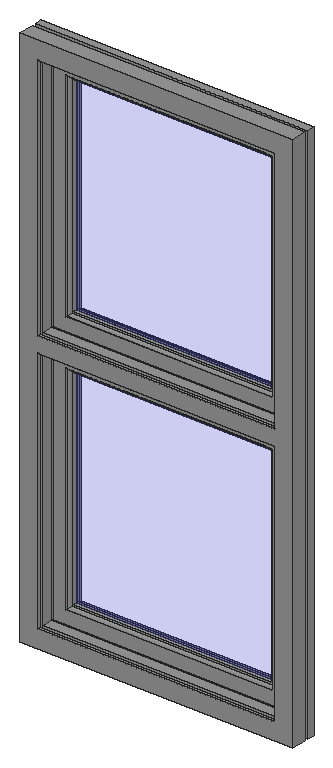
Revit family "MG6", category Windows, host Wall, Revit 2015
Parameters (values of type "MF6")
  Sash Height = 600 mm
  Height = 1200 mm
  Default Lintel Height = 2100 mm
  Wall Closure = By host
  Width = 600 mm
Reference planes
  plane 1 "Center (Front/Back)": y = 0
  plane 2 "Center (Left/Right)": x = 0
  plane 3 "Left": x = -300
  plane 4 "Right": x = 300
  plane 5 "Sill": z = 900
  plane 6 "Head": z = 2100
  plane 7 "Exterior": y = 100
  plane 8 "Interior": y = -100
  plane 9: y = -28.5
  plane 10: y = 23.5
  plane 11: z = 1500
Forms (mm)
  Sweep 1, solid, material "Lauan, Meranti"
    path origin (0, 100, 0) x (1, 0, 0) y (0, 0, 1)
      loop
        line (300, 2100) -> (-300, 2100) -> (-300, 900) -> (300, 900) -> (300, 2100)
    profile origin (0, 100, 2100) x (0, 0, -1) y (0, -1, 0)
      loop
        line (0, 71.5) -> (29, 71.5) -> (29, 96.5) -> (37.5, 96.5) -> (37.5, 102.5) -> (40.5, 102.5) -> (40.5, 96.5) -> (44, 96.5) -> (44, 122.5) -> (39, 122.5) -> (39, 128.5) -> (0, 128.5) -> (0, 94.5) -> (10, 94.5) -> (10, 86.5) -> (0, 86.5) -> (0, 71.5)
  Extrusion 2, solid, material "Lauan, Meranti"
    sketch origin (-242, 0, 839) x (0, -1, 0) y (0, 0, 1)
      loop
        line (28.5, 644) -> (28.5, 678) -> (22.5, 678) -> (22.5, 683) -> (-3.5, 683) -> (-3.5, 679.5) -> (2.5, 679.5) -> (2.5, 676.5) -> (-3.5, 676.5) -> (-3.5, 668) -> (-28.5, 668) -> (-28.5, 654) -> (-3.5, 654) -> (-3.5, 645.5) -> (2.5, 645.5) -> (2.5, 642.5) -> (-3.5, 642.5) -> (-3.5, 639) -> (22.5, 639) -> (22.5, 644) -> (28.5, 644)
    from -513 to 29
  Sweep 3, solid, material "Rubber"
    path origin (-10500, 23.5, 2100) x (0, 0, -1) y (-1, 0, 0)
      loop
        line (29, -10771) -> (593, -10771) -> (593, -10229) -> (29, -10229) -> (29, -10771)
    profile origin (0, 23.5, 2071) x (0, 0, 1) y (0, 1, 0)
      loop
        line (-5, -17) -> (-10, -15) -> (-15, -17) -> (-15, -20) -> (-11, -20) -> (-11, -22.43) -> (-12, -22.43) -> (-11, -22.698) -> (-11, -24.464) -> (-12, -24.464) -> (-10, -25) -> (-8, -24.464) -> (-9, -24.464) -> (-9, -22.698) -> (-8, -22.43) -> (-9, -22.43) -> (-9, -20) -> (-5, -20) -> (-5, -17)
  Sweep 4, solid, material "Rubber"
    path origin (-10500, 23.5, 1522) x (0, 0, -1) y (-1, 0, 0)
      loop
        line (29, -10771) -> (593, -10771) -> (593, -10229) -> (29, -10229) -> (29, -10771)
    profile origin (0, 23.5, 1493) x (0, 0, 1) y (0, 1, 0)
      loop
        line (-5, -17) -> (-10, -15) -> (-15, -17) -> (-15, -20) -> (-11, -20) -> (-11, -22.43) -> (-12, -22.43) -> (-11, -22.698) -> (-11, -24.464) -> (-12, -24.464) -> (-10, -25) -> (-8, -24.464) -> (-9, -24.464) -> (-9, -22.698) -> (-8, -22.43) -> (-9, -22.43) -> (-9, -20) -> (-5, -20) -> (-5, -17)
  Sweep 5, solid, material "Lauan, Meranti"
    path origin (-10500, 23.5, 2100) x (0, 0, -1) y (-1, 0, 0)
      loop
        line (29, -10771) -> (593, -10771) -> (593, -10229) -> (29, -10229) -> (29, -10771)
    profile origin (0, 23.5, 2071) x (0, 0, 1) y (0, 1, 0)
      loop
        line (5, 5) -> (5, 19)
        arc (5, 19) -> (3.242, 23.243) -> (-1, 25) r 6
        line (-1, 25) -> (-43, 25) -> (-43, 0) -> (-52, 0) -> (-52, -8) -> (-49, -8)
        arc (-49, -8) -> (-47.243, -12.243) -> (-43, -14) r 6
        line (-43, -14) -> (-43, -17) -> (-10, -17) -> (-10, -13) -> (-12, -13) -> (-12, -8) -> (-14, -7.464) -> (-14, -2.536) -> (-12, -2) -> (-12, 5) -> (5, 5)
  Sweep 6, solid, material "Lauan, Meranti"
    path origin (-10500, 23.5, 1522) x (0, 0, -1) y (-1, 0, 0)
      loop
        line (29, -10771) -> (593, -10771) -> (593, -10229) -> (29, -10229) -> (29, -10771)
    profile origin (0, 23.5, 1493) x (0, 0, 1) y (0, 1, 0)
      loop
        line (5, 5) -> (5, 19)
        arc (5, 19) -> (3.242, 23.243) -> (-1, 25) r 6
        line (-1, 25) -> (-43, 25) -> (-43, 0) -> (-52, 0) -> (-52, -8) -> (-49, -8)
        arc (-49, -8) -> (-47.243, -12.243) -> (-43, -14) r 6
        line (-43, -14) -> (-43, -17) -> (-10, -17) -> (-10, -13) -> (-12, -13) -> (-12, -8) -> (-14, -7.464) -> (-14, -2.536) -> (-12, -2) -> (-12, 5) -> (5, 5)
  Extrusion 7, solid, material "Glass"
    sketch origin (-10500, 23.5, 2100) x (0, 0, -1) y (-1, 0, 0)
      loop
        line (72, -10728) -> (550, -10728) -> (550, -10272) -> (72, -10272) -> (72, -10728)
      loop
        line (650, -10728) -> (1128, -10728) -> (1128, -10272) -> (650, -10272) -> (650, -10728)
    from 0 to 6.4
  Sweep 8, solid, material "Lauan, Meranti"
    path origin (0, 100, 0) x (1, 0, 0) y (0, 0, 1)
      loop
        line (228, 2028) -> (-228, 2028) -> (-228, 1550) -> (228, 1550) -> (228, 2028)
    profile origin (0, 100, 2028) x (0, 0, -1) y (0, -1, 0)
      loop
        arc (0, 62.1) -> (4.67, 63.734) -> (7, 68.1) r 6.807
        line (7, 68.1) -> (9, 68.1) -> (9, 70.1) -> (0, 70.1) -> (0, 62.1)
  Sweep 9, solid, material "Lauan, Meranti"
    path origin (0, 100, -578) x (1, 0, 0) y (0, 0, 1)
      loop
        line (228, 2028) -> (-228, 2028) -> (-228, 1550) -> (228, 1550) -> (228, 2028)
    profile origin (0, 100, 1450) x (0, 0, -1) y (0, -1, 0)
      loop
        arc (0, 62.1) -> (4.67, 63.734) -> (7, 68.1) r 6.807
        line (7, 68.1) -> (9, 68.1) -> (9, 70.1) -> (0, 70.1) -> (0, 62.1)
Cuts and joins
  joined: Sweep 1, Extrusion 2
Lines and regions (mm)
  Opening 1
    outline origin (3500, -100, 0) x (1, 0, 0) y (0, 0, 1)
      loop
        line (-3200, 900) -> (-3200, 2100) -> (-3800, 2100) -> (-3800, 900) -> (-3200, 900)
  model lines
    curve 1: line (276, 48.5, 2076) -> (0, 48.5, 1502)
    curve 2: line (0, 48.5, 1502) -> (-276.082, 48.5, 2076.08)
    curve 3: line (276, 48.5, 1498) -> (0, 48.5, 924)
    curve 4: line (0, 48.5, 924) -> (-276.082, 48.5, 1498.08)
Text (mm)
  text "EXTERIOR" at (-1963.203, 1332.353, 0), in view "Ref. Level"
  text "INTERIOR" at (-1981.466, -818.386, 0), in view "Ref. Level"
  text "Exterior" at (0, 923.751, 2943.296), in view "Right"
  text "Exterior" at (0, 1040.484, 2685.409), in view "Left"
Dimensions and locks
  equal spacing: plane 3 "Left", plane 2 "Center (Left/Right)", plane 4 "Right"
  "Width": plane 3 "Left" to plane 4 "Right"
  "Height": plane 5 "Sill" to plane 6 "Head"
  "Default Lintel Height": plane 6 "Head" to level
  locked: plane 7 "Exterior" to host wall at 0
  locked: plane 8 "Interior" to host wall
  locked: plane 10 to plane 9 at 52
  "Sash Height": plane 11 to plane 6 "Head"
  aligned and locked: Sweep 1 sketch curve to host wall  (x4)
  aligned and locked: Extrusion 2 to Sweep 1  (x2)
  aligned and locked: Sweep 3 sketch curve to Sweep 1
  aligned and locked: Sweep 1 to Sweep 3 sketch curve
  aligned and locked: Sweep 3 sketch curve to Extrusion 2  (x2)
  aligned and locked: Sweep 4 sketch curve to Extrusion 2
  aligned and locked: Sweep 4 sketch curve to Sweep 1  (x2)
  aligned and locked: Sweep 1 to Sweep 4 sketch curve
  aligned and locked: Sweep 5 sketch curve to Sweep 1
  aligned and locked: Sweep 1 to Sweep 5 sketch curve
  aligned and locked: Sweep 5 sketch curve to Extrusion 2  (x2)
  aligned and locked: Sweep 6 sketch curve to Extrusion 2
  aligned and locked: Sweep 1 to Sweep 6 sketch curve
  aligned and locked: Sweep 6 sketch curve to Sweep 1  (x2)
  aligned and locked: Extrusion 7 sketch curve to Sweep 5  (x4)
  aligned and locked: Extrusion 7 sketch curve to Sweep 6  (x4)
  aligned and locked: Sweep 8 sketch curve to Sweep 5  (x4)
  aligned and locked: Sweep 9 sketch curve to Sweep 6  (x4)
Automatic sketch dimensions
  plane 3 "Left" to Opening 1 sketch curve = 0 mm
  plane 4 "Right" to Opening 1 sketch curve = 0 mm
  Opening 1 sketch curve to plane 5 "Sill" = 0 mm
  Opening 1 sketch curve to plane 6 "Head" = 0 mm
  Sweep 1 sketch curve to profile plane = 0 mm  (x2)
  Sweep 1 sketch curve to profile plane = 10 mm
  Sweep 1 sketch curve to Sweep 1 sketch curve = 19 mm
  Sweep 1 sketch curve to Sweep 1 sketch curve = 8.5 mm
  Sweep 1 sketch curve to Sweep 1 sketch curve = 1.5 mm
  Sweep 1 sketch curve to Sweep 1 sketch curve = 3 mm
  Sweep 1 sketch curve to Sweep 1 sketch curve = 3.5 mm
  plane 7 "Exterior" to Sweep 1 sketch curve = 71.5 mm
  Sweep 1 sketch curve to Sweep 1 sketch curve = 15 mm
  Sweep 1 sketch curve to Sweep 1 sketch curve = 8 mm
  Sweep 1 sketch curve to Sweep 1 sketch curve = 25 mm
  Sweep 1 sketch curve to Sweep 1 sketch curve = 0 mm
  Sweep 1 sketch curve to Sweep 1 sketch curve = 6 mm
  Sweep 1 sketch curve to Sweep 1 sketch curve = 20 mm
  Sweep 1 sketch curve to Sweep 1 sketch curve = 34 mm
  plane 2 "Center (Left/Right)" to curve 3 = 0 mm
  plane 2 "Center (Left/Right)" to curve 2 = 0 mm
  curve 1 to plane 11 = 2 mm
  curve 3 to plane 5 "Sill" = 24 mm
  plane 11 to curve 4 = 1.92 mm
  curve 4 to plane 3 "Left" = 23.918 mm
  curve 2 to plane 3 "Left" = 23.918 mm
  plane 11 to curve 3 = 2 mm
  plane 4 "Right" to curve 3 = 24 mm
  plane 4 "Right" to curve 1 = 24 mm
  plane 6 "Head" to curve 2 = 23.92 mm
  plane 6 "Head" to curve 1 = 24 mm
  Extrusion 2 sketch curve to plane 9 = 0 mm
  plane 9 to Extrusion 2 sketch curve = 6 mm  (x2)
  host wall to Extrusion 2 sketch curve = 2.5 mm  (x2)
  Extrusion 2 sketch curve to host wall = 3.5 mm  (x3)
  Extrusion 2 sketch curve to Extrusion 2 sketch curve = 0 mm
  plane 10 to Extrusion 2 sketch curve = 5 mm
  plane 11 to Extrusion 2 sketch curve = 22 mm
  Extrusion 2 sketch curve to Extrusion 2 sketch curve = 3.5 mm
  Extrusion 2 sketch curve to Extrusion 2 sketch curve = 5 mm  (x2)
  Extrusion 2 sketch curve to Extrusion 2 sketch curve = 3 mm  (x2)
  plane 11 to Extrusion 2 sketch curve = 7 mm
  Extrusion 2 sketch curve to plane 11 = 7 mm
  Extrusion 2 sketch curve to Extrusion 2 sketch curve = 8.5 mm
  Extrusion 2 sketch curve to plane 11 = 17 mm
  profile plane to Sweep 3 sketch curve = 15 mm
  Sweep 3 sketch curve to Sweep 3 sketch curve = 3 mm  (x3)
  Sweep 3 sketch curve to Sweep 3 sketch curve = 0 mm  (x2)
  Sweep 3 sketch curve to Sweep 3 sketch curve = 1 mm  (x7)
  Sweep 3 sketch curve to Sweep 3 sketch curve = 2 mm
  Sweep 3 sketch curve to Sweep 3 sketch curve = 4 mm
  Sweep 3 sketch curve to plane 10 = 25 mm
  Sweep 3 sketch curve to Sweep 3 sketch curve = 0.536 mm  (x2)
  Sweep 3 sketch curve to Sweep 3 sketch curve = 1.766 mm  (x2)
  Sweep 3 sketch curve to Sweep 3 sketch curve = 0.268 mm  (x2)
  Sweep 3 sketch curve to Sweep 3 sketch curve = 2.43 mm
  Sweep 3 sketch curve to Sweep 3 sketch curve = 5 mm
  profile plane to Sweep 4 sketch curve = 15 mm
  Sweep 4 sketch curve to Sweep 4 sketch curve = 3 mm  (x3)
  Sweep 4 sketch curve to Sweep 4 sketch curve = 0 mm  (x2)
  Sweep 4 sketch curve to Sweep 4 sketch curve = 1 mm  (x7)
  Sweep 4 sketch curve to Sweep 4 sketch curve = 2 mm
  Sweep 4 sketch curve to Sweep 4 sketch curve = 4 mm
  Sweep 4 sketch curve to plane 10 = 25 mm
  Sweep 4 sketch curve to Sweep 4 sketch curve = 0.536 mm  (x2)
  Sweep 4 sketch curve to Sweep 4 sketch curve = 1.766 mm  (x2)
  Sweep 4 sketch curve to Sweep 4 sketch curve = 0.268 mm  (x2)
  Sweep 4 sketch curve to Sweep 4 sketch curve = 2.43 mm
  Sweep 4 sketch curve to Sweep 4 sketch curve = 5 mm
  Sweep 5 sketch curve to plane 10 = 0 mm
  profile plane to Sweep 5 sketch curve = 52 mm
  Sweep 5 sketch curve to Sweep 5 sketch curve = 3 mm  (x2)
  Sweep 5 sketch curve to Sweep 5 sketch curve = 9 mm
  Sweep 5 sketch curve to Sweep 5 sketch curve = 6 mm
  Sweep 5 sketch curve to plane 10 = 2.536 mm
  profile plane to Sweep 5 sketch curve = 14 mm
  Sweep 5 sketch curve to Sweep 5 sketch curve = 2 mm  (x3)
  Sweep 5 sketch curve to plane 10 = 2 mm
  profile plane to Sweep 5 sketch curve = 1 mm
  Sweep 5 sketch curve to profile plane = 5 mm
  Sweep 5 sketch curve to Sweep 5 sketch curve = 4.928 mm
  Sweep 5 sketch curve to Sweep 5 sketch curve = 8 mm
  Sweep 5 sketch curve to Sweep 5 sketch curve = 0.536 mm
  Sweep 5 sketch curve to Sweep 5 sketch curve = 5 mm
  plane 10 to Sweep 5 sketch curve = 5 mm
  Sweep 5 sketch curve to Sweep 5 sketch curve = 14 mm
  Sweep 6 sketch curve to plane 10 = 0 mm
  profile plane to Sweep 6 sketch curve = 52 mm
  Sweep 6 sketch curve to Sweep 6 sketch curve = 3 mm  (x2)
  Sweep 6 sketch curve to Sweep 6 sketch curve = 9 mm
  Sweep 6 sketch curve to Sweep 6 sketch curve = 6 mm
  Sweep 6 sketch curve to plane 10 = 2.536 mm
  profile plane to Sweep 6 sketch curve = 14 mm
  Sweep 6 sketch curve to Sweep 6 sketch curve = 2 mm  (x3)
  Sweep 6 sketch curve to plane 10 = 2 mm
  profile plane to Sweep 6 sketch curve = 1 mm
  Sweep 6 sketch curve to profile plane = 5 mm
  Sweep 6 sketch curve to Sweep 6 sketch curve = 4.928 mm
  Sweep 6 sketch curve to Sweep 6 sketch curve = 8 mm
  Sweep 6 sketch curve to Sweep 6 sketch curve = 0.536 mm
  Sweep 6 sketch curve to Sweep 6 sketch curve = 5 mm
  plane 10 to Sweep 6 sketch curve = 5 mm
  Sweep 6 sketch curve to Sweep 6 sketch curve = 14 mm
  Sweep 8 sketch curve to profile plane = 0 mm
  Sweep 8 sketch curve to profile plane = 0.241 mm
  Sweep 8 sketch curve to Sweep 8 sketch curve = 6.759 mm
  Sweep 8 sketch curve to Sweep 8 sketch curve = 2 mm  (x2)
  plane 7 "Exterior" to Sweep 8 sketch curve = 62.1 mm
  Sweep 8 sketch curve to Sweep 8 sketch curve = 6 mm
  Sweep 9 sketch curve to profile plane = 0 mm
  Sweep 9 sketch curve to profile plane = 0.241 mm
  Sweep 9 sketch curve to Sweep 9 sketch curve = 6.759 mm
  Sweep 9 sketch curve to Sweep 9 sketch curve = 2 mm  (x2)
  plane 7 "Exterior" to Sweep 9 sketch curve = 62.1 mm
  Sweep 9 sketch curve to Sweep 9 sketch curve = 6 mm
